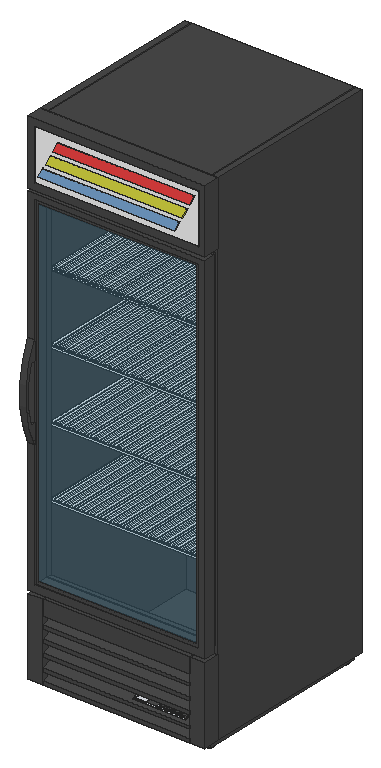
Revit family "QF_TRUE_GDM-23F-HST-HC~TSL01", category Specialty Equipment, Revit 2016 (continued)
Definition of nested family "CASTER-LEGS"
  Nested families (in)
    nested 3: "C4" at (0, 0, 0), Show 4 Inches Casters <- "Show 4" Casters", type "C4"
      with Type Mark "", Specification by User "", Show 4 Inches Casters yes, Revision Code "", Item Number "", Installed By "", Identify Quantity as Lot yes, Furnished By "", Foodservice Equipment Identifier yes
    nested 4: "6 Inches Leg & Caster" at (0, 0, 0), Show Casters <- "Show 6" Casters", type "6 Inches Leg & Caster"
      with Type Mark "", Status "", Specification by User "", Show Casters yes, Revision Code "", Item Number "", Installed By "", Identify Quantity as Lot yes, Furnished By "", Foodservice Equipment Identifier yes
    nested 5: "C2.5" at (0, -0.86941, 0), 2.5 Inches Caster <- "Show 2.5 Casters", type "C2.5"
      with Type Mark "", Status "", Specification by User "", Revision Code "", Item Number "", Installed By "", Identify Quantity as Lot yes, Furnished By "", Foodservice Equipment Identifier yes, 2.5 Inches Caster yes
  Definition of nested family "PITCO_5 INCHES CASTER"
    Parameters (values of type "PITCO_5 INCHES CASTER")
      Weight = ""
      URL Manufacturer = ""
      URL Cutsheet = ""
      URL = ""
      Type Mark [instance] = ""
      Status [instance] = ""
      Specification by User [instance] = ""
      Specification by Manufacturer = ""
      Show Casters [instance] = yes
      Rubber = none
      Chrome = none
      Serial Number = ""
      Seismic Rating = ""
      SMACNA No = ""
      Revision Code [instance] = ""
      Omniclass Number and Title = ""
      NAFEM Spec ID Number = ""
      Model = ""
      MasterSpec. = ""
      Manufacturer = ""
      Item Number [instance] = ""
      Installed By [instance] = ""
      Identify Quantity as Lot [instance] = yes
      Furnished By [instance] = ""
      Foodservice Equipment Identifier [instance] = yes
      Description = ""
      CSI MasterFormat = ""
      CSI Master Format = ""
      Assembly Code = ""
    Reference planes (in)
      plane 1: z = 0
      plane 2 "RIGHT": x = 0
      plane 3 "FRONT": y = 0
      plane 4 "TOP": z = 5
      plane 5: z = 5.0625
    Forms (in)
      Revolve 1, solid, visible <- "Show Casters"
        sketch origin (-180, 1.0625, -34.67466) x (0, 0, -1) y (-1, 0, 0)
          loop
            line (-34.67466, -180.64009) -> (-34.67466, -179.35991) -> (-35.17466, -179.35991) -> (-35.17466, -179.48491) -> (-35.42466, -179.48491) -> (-35.42466, -179.64009) -> (-36.48519, -179.60306) -> (-36.48519, -178.85852) -> (-36.5316, -178.85852) -> (-36.5316, -178.71719) -> (-36.70591, -178.71719) -> (-36.70591, -181.28281) -> (-36.5316, -181.28281) -> (-36.5316, -181.14148) -> (-36.48519, -181.14148) -> (-36.48519, -180.39694) -> (-35.42466, -180.35991) -> (-35.42466, -180.51509) -> (-35.17466, -180.51509) -> (-35.17466, -180.64009) -> (-34.67466, -180.64009)
          axis (-36.70591, -181.28281) -> (-36.70591, -178.71719)
        angle from 0 to 360
      Extrusion 2, solid, visible <- "Show Casters"
        sketch origin (0, 0, -1.11142) x (0, -1, 0) y (1, 0, 0)
          loop
            circle (0, 0) r 1.5
        from 5.61142 to 6.17392
      Extrusion 3, solid, visible <- "Show Casters"
        sketch origin (0, 0, 0.289) x (0, -1, 0) y (0, 0, 1)
          loop
            arc (0.91808, 3.59427) -> (1.13645, 3.7909) -> (1.42156, 3.86198) r 0.60732
            line (1.42156, 3.86198) -> (1.46208, 3.86198) -> (1.43155, 4.211) -> (-1.43155, 4.211)
            arc (-1.43155, 4.211) -> (-1.62474, 4.13098) -> (-1.70476, 3.93778) r 0.27322
            line (-1.70476, 3.93778) -> (-1.70476, 3.78861) -> (-1.76351, 2.11371) -> (-1.82446, 1.68005)
            arc (-1.82446, 1.68005) -> (-1.73191, 1.41127) -> (-1.46007, 1.32816) r 0.31307
            line (-1.46007, 1.32816) -> (-0.60834, 1.47835)
            arc (-0.60834, 1.47835) -> (-0.50841, 1.51771) -> (-0.43181, 1.59299) r 0.26936
            line (-0.43181, 1.59299) -> (0.91808, 3.59427)
        from 0.84601 to 1.05998
      Extrusion 4, solid, visible <- "Show Casters"
        sketch origin (0, 0, -0.82242) x (0, -1, 0) y (0, 0, -1)
          loop
            line (1.43155, -5.32242) -> (1.46208, -4.9734) -> (1.42156, -4.9734)
            arc (1.42156, -4.9734) -> (1.13645, -4.90232) -> (0.91808, -4.70569) r 0.60732
            line (0.91808, -4.70569) -> (-0.43181, -2.70441)
            arc (-0.43181, -2.70441) -> (-0.50841, -2.62913) -> (-0.60834, -2.58977) r 0.26936
            line (-0.60834, -2.58977) -> (-1.46007, -2.43958)
            arc (-1.46007, -2.43958) -> (-1.73191, -2.52269) -> (-1.82446, -2.79147) r 0.31307
            line (-1.82446, -2.79147) -> (-1.76351, -3.22513) -> (-1.70476, -4.90003) -> (-1.70476, -5.0492)
            arc (-1.70476, -5.0492) -> (-1.62474, -5.2424) -> (-1.43155, -5.32242) r 0.27322
            line (-1.43155, -5.32242) -> (1.43155, -5.32242)
        from 0.84601 to 1.05998
      Extrusion 5, solid, visible <- "Show Casters"
        sketch origin (-0.84601, 0, 0.289) x (0, 1, 0) y (0, 0, 1)
          loop
            line (1.43155, 4.211) -> (-1.43155, 4.211) -> (-1.46208, 3.86198) -> (-1.42156, 3.86198)
            arc (-1.42156, 3.86198) -> (-1.13645, 3.7909) -> (-0.91808, 3.59427) r 0.60732
            arc (-0.91808, 3.59427) -> (0.37927, 3.88135) -> (1.70476, 3.78861) r 4.63574
            line (1.70476, 3.78861) -> (1.70476, 3.93778)
            arc (1.70476, 3.93778) -> (1.62474, 4.13098) -> (1.43155, 4.211) r 0.27322
        from 0 to 1.69203
    Cuts and joins
      joined: Extrusion 3, Extrusion 4, Extrusion 5
    Lines and regions (in)
      symbolic lines, visible <- "Show Casters"
        curve 1: line (0.70901, 2.6399, 0) -> (1.79507, 2.01286, 0)
        curve 2: line (-1.79099, -1.69023, 0) -> (0.70901, 2.6399, 0)
        curve 3: line (-0.70493, -2.31727, 0) -> (-1.79099, -1.69023, 0)
        curve 4: line (1.79507, 2.01286, 0) -> (-0.70493, -2.31727, 0)
    Dimensions and locks (in)
      plane 4 "TOP" to level = 5"  (x2)
      plane 5 to level = 5 1/16"
      aligned and locked: level to plane 1
  Definition of nested family "2.13"
    Parameters
      Weight = ""
      URL Manufacturer = ""
      URL Cutsheet = ""
      URL = ""
      Type Mark [instance] = ""
      Status [instance] = ""
      Specification by User [instance] = ""
      Specification by Manufacturer = ""
      Serial Number = ""
      Seismic Rating = ""
      SMACNA No = ""
      Revision Code [instance] = ""
      Omniclass Number and Title = ""
      NAFEM Spec ID Number = ""
      Model = ""
      MasterSpec. = ""
      Manufacturer = ""
      Item Number [instance] = ""
      Installed By [instance] = ""
      Identify Quantity as Lot [instance] = yes
      Furnished By [instance] = ""
      Foodservice Equipment Identifier [instance] = yes
      Description = ""
      CSI MasterFormat = ""
      CSI Master Format = ""
      Assembly Code = ""
      2.5 Inches Caster [instance] = yes
    Reference planes (in)
      plane 1: z = 0
      plane 2 "RIGHT": x = 0
      plane 3 "FRONT": y = 0
      plane 4 "TOP": z = 2.125
    Forms (in)
      Revolve 1, solid, visible <- "2.5 Inches Caster"
        sketch origin (-1.93794, 0.83816, -1.0041) x (1, 0, 0) y (0, 0, 1)
          loop
            line (0.74055, 1.76972) -> (0.74055, 1.69422) -> (0.79055, 1.64422) -> (0.85055, 1.64422) -> (0.85055, 1.52415) -> (1.235, 1.52415) -> (1.235, 1.4568) -> (1.38673, 1.3692) -> (1.4003, 1.28535) -> (1.34375, 1.28535) -> (1.34375, 1.16035) -> (1.375, 1.16035) -> (1.375, 1.0041) -> (1.87544, 1.0041) -> (1.87544, 1.52415) -> (2.00044, 1.52415) -> (2.00044, 1.0041) -> (2.48438, 1.0041) -> (2.48438, 1.16035) -> (2.51563, 1.16035) -> (2.51563, 1.28535) -> (2.45908, 1.28535) -> (2.47322, 1.37272) -> (2.62438, 1.45999) -> (2.62438, 1.52415) -> (3.04007, 1.52415) -> (3.04007, 1.64422) -> (3.10007, 1.64422) -> (3.15007, 1.69422) -> (3.15007, 1.76972) -> (0.74055, 1.76972)
          axis (0.74055, 1.76972) -> (3.15007, 1.76972)
        angle from 0 to 360
      Extrusion 2, solid, visible <- "2.5 Inches Caster"
        sketch origin (-1.93794, 1.80294, -3.6291) x (0, 1, 0) y (0, 0, 1)
          loop
            line (-0.64294, 5.43229) -> (-0.64294, 5.55298) -> (-2.21294, 5.55298) -> (-2.21294, 5.30272) -> (-1.81966, 5.30272)
            arc (-1.81966, 5.30272) -> (-1.13638, 5.20789) -> (-0.46376, 5.05475) r 8.02767
            arc (-0.46376, 5.05475) -> (-0.19511, 4.95469) -> (0.05138, 4.80832) r 1.60049
            line (0.05138, 4.80832) -> (0.12713, 4.91318)
            arc (0.12713, 4.91318) -> (-0.07255, 5.06376) -> (-0.29048, 5.18644) r 1.8753
            line (-0.29048, 5.18644) -> (-0.22239, 5.30423)
            arc (-0.22239, 5.30423) -> (-0.42776, 5.38437) -> (-0.64294, 5.43229) r 1.44292
        from 1.17357 to 2.70231
      Revolve 3, solid, visible <- "2.5 Inches Caster"
        sketch origin (0, 2.10856, -4.125) x (0, 1, 0) y (0, 0, 1)
          loop
            line (-1.73858, 6.25) -> (-1.73858, 6.04889) -> (-1.05793, 6.04889) -> (-1.05793, 6.25) -> (-1.73858, 6.25)
          axis (-1.73858, 6.04889) -> (-1.73858, 6.25)
        angle from 0 to 360
      Extrusion 4, solid, visible <- "2.5 Inches Caster"
        sketch origin (-1.98481, 1.80294, -2.1291) x (0, 1, 0) y (0, 0, 1)
          loop
            line (-2.21294, 4.05298) -> (-2.21294, 3.80272) -> (-2.13999, 3.80272)
            arc (-2.13999, 3.80272) -> (-1.62379, 3.51899) -> (-1.39241, 2.97729) r 0.90292
            arc (-1.39241, 2.97729) -> (-1.36136, 2.78161) -> (-1.29729, 2.59413) r 1.15385
            arc (-1.29729, 2.59413) -> (-0.94802, 2.37355) -> (-0.6121, 2.61396) r 0.37001
            arc (-0.6121, 2.61396) -> (-0.59625, 2.66241) -> (-0.58446, 2.712) r 0.61695
            arc (-0.58446, 2.712) -> (-0.36134, 3.11665) -> (0.05609, 3.31484) r 0.75313
            line (0.05609, 3.31484) -> (0.12713, 3.41318)
            arc (0.12713, 3.41318) -> (-0.07255, 3.56376) -> (-0.29048, 3.68644) r 1.8753
            line (-0.29048, 3.68644) -> (-0.22239, 3.80423)
            arc (-0.22239, 3.80423) -> (-0.42776, 3.88437) -> (-0.64294, 3.93229) r 1.44292
            line (-0.64294, 3.93229) -> (-0.64294, 4.05298) -> (-2.21294, 4.05298)
        from 2.74918 to 2.90825
      Extrusion 5, solid, visible <- "2.5 Inches Caster"
        sketch origin (1.98481, 1.80294, -2.1291) x (0, 1, 0) y (0, 0, -1)
          loop
            line (-2.21294, -4.05298) -> (-0.64294, -4.05298) -> (-0.64294, -3.93229)
            arc (-0.64294, -3.93229) -> (-0.42776, -3.88437) -> (-0.22239, -3.80423) r 1.44292
            line (-0.22239, -3.80423) -> (-0.29048, -3.68644)
            arc (-0.29048, -3.68644) -> (-0.07255, -3.56376) -> (0.12713, -3.41318) r 1.8753
            line (0.12713, -3.41318) -> (0.05609, -3.31484)
            arc (0.05609, -3.31484) -> (-0.36134, -3.11665) -> (-0.58446, -2.712) r 0.75313
            arc (-0.58446, -2.712) -> (-0.59625, -2.66241) -> (-0.6121, -2.61396) r 0.61695
            arc (-0.6121, -2.61396) -> (-0.94802, -2.37355) -> (-1.29729, -2.59413) r 0.37001
            arc (-1.29729, -2.59413) -> (-1.36136, -2.78161) -> (-1.39241, -2.97729) r 1.15385
            arc (-1.39241, -2.97729) -> (-1.62379, -3.51899) -> (-2.13999, -3.80272) r 0.90292
            line (-2.13999, -3.80272) -> (-2.21294, -3.80272) -> (-2.21294, -4.05298)
        from 2.74918 to 2.90825
    Lines and regions (in)
      symbolic lines, visible <- "2.5 Inches Caster"
        curve 1: line (0.10651, 1.27186, 0) -> (0.80944, 0.86603, 0)
        curve 2: line (-0.89349, -0.46019, 0) -> (0.10651, 1.27186, 0)
        curve 3: line (-0.19056, -0.86603, 0) -> (-0.89349, -0.46019, 0)
        curve 4: line (0.80944, 0.86603, 0) -> (-0.19056, -0.86603, 0)
    Dimensions and locks (in)
      plane 4 "TOP" to level = 2 1/8"  (x2)
      aligned and locked: level to plane 1
  Definition of nested family "C4"
    Parameters
      Weight = ""
      URL Manufacturer = ""
      URL Cutsheet = ""
      URL = ""
      Type Mark [instance] = ""
      Specification by User [instance] = ""
      Specification by Manufacturer = ""
      Show 4 Inches Casters [instance] = yes
      Serial Number = ""
      Seismic Rating = ""
      SMACNA No = ""
      Revision Code [instance] = ""
      Omniclass Number and Title = ""
      NAFEM Spec ID Number = ""
      Model = ""
      MasterSpec. = ""
      Manufacturer = ""
      Item Number [instance] = ""
      Installed By [instance] = ""
      Identify Quantity as Lot [instance] = yes
      Furnished By [instance] = ""
      Foodservice Equipment Identifier [instance] = yes
      Description = ""
      CSI MasterFormat = ""
      CSI Master Format = ""
      Assembly Code = ""
    Reference planes (in)
      plane 1: z = 0
      plane 2 "RIGHT": x = 0
      plane 3 "FRONT": y = 0
      plane 4 "TOP": z = 4
    Forms (in)
      Revolve 1, solid, visible <- "Show 4 Inches Casters"
        sketch origin (-1.93794, 0.83816, -1.0041) x (1, 0, 0) y (0, 0, 1)
          loop
            line (0.74055, 2.5041) -> (3.15007, 2.5041) -> (3.15007, 2.5796) -> (3.10007, 2.6296) -> (3.04007, 2.6296) -> (3.04007, 2.74967) -> (2.62438, 2.74967) -> (2.62438, 2.93884) -> (2.48438, 3.01967) -> (2.45908, 3.17597) -> (2.51563, 3.17597) -> (2.51563, 3.41035) -> (2.48438, 3.41035) -> (2.48438, 4.0041) -> (1.375, 4.0041) -> (1.375, 3.41035) -> (1.34375, 3.41035) -> (1.34375, 3.17597) -> (1.4003, 3.17597) -> (1.37557, 3.02318) -> (1.235, 2.94202) -> (1.235, 2.74967) -> (0.85055, 2.74967) -> (0.85055, 2.6296) -> (0.79055, 2.6296) -> (0.74055, 2.5796) -> (0.74055, 2.5041)
          axis (0.74055, 2.5041) -> (3.15007, 2.5041)
        angle from 0 to 360
      Extrusion 2, solid, visible <- "Show 4 Inches Casters"
        sketch origin (-1.93794, 1.80294, -1.7541) x (0, 1, 0) y (0, 0, 1)
          loop
            line (-3.08794, 5.33423) -> (-3.08794, 5.00584) -> (-2.69466, 5.00584)
            arc (-2.69466, 5.00584) -> (-1.57175, 4.94895) -> (-0.46376, 4.75787) r 9.36411
            arc (-0.46376, 4.75787) -> (-0.05889, 4.58436) -> (0.28335, 4.30705) r 1.60049
            line (0.28335, 4.30705) -> (0.34449, 4.39437)
            arc (0.34449, 4.39437) -> (0.12713, 4.6163) -> (-0.1239, 4.79931) r 1.8753
            line (-0.1239, 4.79931) -> (-0.05749, 4.91421)
            arc (-0.05749, 4.91421) -> (-0.33807, 5.05694) -> (-0.64294, 5.13542) r 1.44292
            line (-0.64294, 5.13542) -> (-0.64294, 5.33423) -> (-3.08794, 5.33423)
        from 1.1267 to 2.74918
      Revolve 3, solid, visible <- "Show 4 Inches Casters"
        sketch origin (0, 2.15543, -2.25) x (0, 1, 0) y (0, 0, 1)
          loop
            line (-2.21793, 6.25) -> (-2.21793, 5.83014) -> (-1.05793, 5.83014) -> (-1.05793, 6.25) -> (-2.21793, 6.25)
          axis (-2.21793, 5.83014) -> (-2.21793, 6.25)
        angle from 0 to 360
      Extrusion 4, solid, visible <- "Show 4 Inches Casters"
        sketch origin (-1.93794, 1.80294, -1.7541) x (0, 1, 0) y (0, 0, 1)
          loop
            line (-3.08794, 5.33423) -> (-3.08794, 5.00584) -> (-2.8913, 5.00584)
            arc (-2.8913, 5.00584) -> (-2.09118, 4.14057) -> (-1.45681, 3.14736) r 6.63355
            arc (-1.45681, 3.14736) -> (-0.85703, 2.75969) -> (-0.4561, 3.35069) r 0.5107
            arc (-0.4561, 3.35069) -> (-0.27092, 3.92503) -> (0.24034, 4.24562) r 0.88136
            line (0.24034, 4.24562) -> (0.34449, 4.39437)
            arc (0.34449, 4.39437) -> (0.12713, 4.6163) -> (-0.1239, 4.79931) r 1.8753
            line (-0.1239, 4.79931) -> (-0.05749, 4.91421)
            arc (-0.05749, 4.91421) -> (-0.33807, 5.05694) -> (-0.64294, 5.13542) r 1.44292
            line (-0.64294, 5.13542) -> (-0.64294, 5.33423) -> (-3.08794, 5.33423)
        from 2.74918 to 2.90825
      Extrusion 5, solid, visible <- "Show 4 Inches Casters"
        sketch origin (1.93794, 1.80294, -1.7541) x (0, 1, 0) y (0, 0, -1)
          loop
            line (-3.08794, -5.33423) -> (-0.64294, -5.33423) -> (-0.64294, -5.13542)
            arc (-0.64294, -5.13542) -> (-0.33807, -5.05694) -> (-0.05749, -4.91421) r 1.44292
            line (-0.05749, -4.91421) -> (-0.1239, -4.79931)
            arc (-0.1239, -4.79931) -> (0.12713, -4.6163) -> (0.34449, -4.39437) r 1.8753
            line (0.34449, -4.39437) -> (0.24034, -4.24562)
            arc (0.24034, -4.24562) -> (-0.27092, -3.92503) -> (-0.4561, -3.35069) r 0.88136
            arc (-0.4561, -3.35069) -> (-0.85703, -2.75969) -> (-1.45681, -3.14736) r 0.5107
            arc (-1.45681, -3.14736) -> (-2.09118, -4.14057) -> (-2.8913, -5.00584) r 6.63355
            line (-2.8913, -5.00584) -> (-3.08794, -5.00584) -> (-3.08794, -5.33423)
        from 2.74918 to 2.90825
    Cuts and joins
      joined: Extrusion 2, Extrusion 4, Extrusion 5
    Lines and regions (in)
      symbolic lines, visible <- "Show 4 Inches Casters"
        curve 1: line (0.28481, 1.83041, 0) -> (1.24556, 1.27572, 0)
        curve 2: line (-1.26206, -0.84886, 0) -> (0.28481, 1.83041, 0)
        curve 3: line (-0.30132, -1.40355, 0) -> (-1.26206, -0.84886, 0)
        curve 4: line (1.24556, 1.27572, 0) -> (-0.30132, -1.40355, 0)
    Dimensions and locks (in)
      plane 4 "TOP" to level = 4"  (x2)
      aligned and locked: level to plane 1
  Definition of nested family "6 Inches Leg & Caster"
    Parameters
      Weight = ""
      URL Manufacturer = ""
      URL Cutsheet = ""
      URL = ""
      Type Mark [instance] = ""
      Status [instance] = ""
      Specification by User [instance] = ""
      Specification by Manufacturer = ""
      Show Casters [instance] = yes
      Serial Number = ""
      Seismic Rating = ""
      SMACNA No = ""
      Revision Code [instance] = ""
      Omniclass Number and Title = ""
      NAFEM Spec ID Number = ""
      Model = ""
      MasterSpec. = ""
      Manufacturer = ""
      Item Number [instance] = ""
      Installed By [instance] = ""
      Identify Quantity as Lot [instance] = yes
      Furnished By [instance] = ""
      Foodservice Equipment Identifier [instance] = yes
      Description = ""
      CSI MasterFormat = ""
      CSI Master Format = ""
    Reference planes (in)
      plane 1 "BACK": y = 0
      plane 2: z = 0
      plane 3 "LEFT": x = 0
      plane 4 "RIGHT": x = 0
      plane 5 "FRONT": y = 0
      plane 6 "TOP": z = 6.25
    Forms (in)
      Revolve 1, solid, visible <- "Show Casters"
        sketch origin (-2.21793, 0, -0.25) x (-1, 0, 0) y (0, 0, 1)
          loop
            line (-2.21793, 6) -> (-2.21793, 5.55584) -> (-0.93693, 5.55584) -> (-0.93693, 6) -> (-2.21793, 6)
          axis (-2.21793, 5.55584) -> (-2.21793, 6)
        angle from 0 to 360
      Extrusion 2, solid, visible <- "Show Casters"
        sketch origin (0.25594, 2.21793, -0.1875) x (0, 1, 0) y (0, 0, 1)
          loop
            line (-3.37793, 5.49334) -> (-3.37793, 5.24334) -> (-1.63015, 2.08504)
            arc (-1.63015, 2.08504) -> (-0.63555, 1.74359) -> (-0.1951, 2.69848) r 0.78437
            line (-0.1951, 2.69848) -> (-1.06726, 5.49334) -> (-3.37793, 5.49334)
        from 0.78968 to 0.90247
      Extrusion 3, solid, visible <- "Show Casters"
        sketch origin (0, 0, 5.75) x (0, 1, 0) y (-1, 0, 0)
          loop
            circle (0, 0) r 0.75
        from 0 to 0.5
      Extrusion 4, solid, visible <- "Show Casters"
        sketch origin (-0.25594, 2.21793, -0.1875) x (0, 1, 0) y (0, 0, -1)
          loop
            line (-3.37793, -5.49334) -> (-1.06726, -5.49334) -> (-0.1951, -2.69848)
            arc (-0.1951, -2.69848) -> (-0.63555, -1.74359) -> (-1.63015, -2.08504) r 0.78437
            line (-1.63015, -2.08504) -> (-3.37793, -5.24334) -> (-3.37793, -5.49334)
        from 0.78968 to 0.90247
      Extrusion 5, solid, visible <- "Show Casters"
        sketch origin (0, 0, 0.75) x (0, 1, 0) y (0, 0, 1)
          loop
            line (-1.16, 4.55584) -> (-1.16, 4.30584) -> (1.15067, 4.30584) -> (1.15067, 4.55584) -> (-1.16, 4.55584)
        from -1.04562 to 1.04562
      Revolve 6, solid, visible <- "Show Casters"
        sketch origin (-1.9375, 1.23015, -0.12802) x (1, 0, 0) y (0, 0, 1)
          loop
            line (0.5843, 2.5041) -> (0.5843, 2.3661) -> (0.6343, 2.3161) -> (0.6943, 2.3161) -> (0.6943, 2.1804) -> (1.1725, 2.1804) -> (1.1725, 1.78493) -> (1.31307, 1.70377) -> (1.42647, 1.00302) -> (1.28125, 1.00302) -> (1.28125, 0.75302) -> (1.3125, 0.75302) -> (1.3125, 0.50302)
            arc (1.3125, 0.50302) -> (1.42233, 0.23785) -> (1.6875, 0.12802) r 0.375
            line (1.6875, 0.12802) -> (2.1875, 0.12802)
            arc (2.1875, 0.12802) -> (2.45267, 0.23785) -> (2.5625, 0.50302) r 0.375
            line (2.5625, 0.50302) -> (2.5625, 0.75302) -> (2.59375, 0.75302) -> (2.59375, 1.00302) -> (2.44853, 1.00302) -> (2.5625, 1.70728) -> (2.7025, 1.78811) -> (2.7025, 2.1804) -> (3.1807, 2.1804) -> (3.1807, 2.3161) -> (3.2407, 2.3161) -> (3.2907, 2.3661) -> (3.2907, 2.5041) -> (0.5843, 2.5041)
          axis (0.5843, 2.5041) -> (3.2907, 2.5041)
        angle from 0 to 360
    Cuts and joins
      joined: Extrusion 2, Extrusion 4, Extrusion 5
    Lines and regions (in)
      symbolic lines, visible <- "Show Casters"
        curve 1: line (0.46086, 2.04455, 0) -> (1.54339, 1.41955, 0)
        curve 2: line (-1.53914, -1.41955, 0) -> (0.46086, 2.04455, 0)
        curve 3: line (-0.45661, -2.04455, 0) -> (-1.53914, -1.41955, 0)
        curve 4: line (1.54339, 1.41955, 0) -> (-0.45661, -2.04455, 0)
    Dimensions and locks (in)
      plane 6 "TOP" to level = 6 1/4"  (x2)
      aligned and locked: level to plane 2
  Definition of nested family "C2.5"
    Parameters
      Weight = ""
      URL Manufacturer = ""
      URL Cutsheet = ""
      URL = ""
      Type Mark [instance] = ""
      Status [instance] = ""
      Specification by User [instance] = ""
      Specification by Manufacturer = ""
      Serial Number = ""
      Seismic Rating = ""
      SMACNA No = ""
      Revision Code [instance] = ""
      Omniclass Number and Title = ""
      NAFEM Spec ID Number = ""
      Model = ""
      MasterSpec. = ""
      Manufacturer = ""
      Item Number [instance] = ""
      Installed By [instance] = ""
      Identify Quantity as Lot [instance] = yes
      Furnished By [instance] = ""
      Foodservice Equipment Identifier [instance] = yes
      Description = ""
      CSI MasterFormat = ""
      CSI Master Format = ""
      Assembly Code = ""
      2.5 Inches Caster [instance] = yes
    Reference planes (in)
      plane 1: z = 0
      plane 2 "RIGHT": x = 0
      plane 3 "FRONT": y = 0
      plane 4 "TOP": z = 2.5
    Forms (in)
      Revolve 1, solid, visible <- "2.5 Inches Caster"
        sketch origin (-1.93794, 0.83816, -1.0041) x (1, 0, 0) y (0, 0, 1)
          loop
            line (0.74055, 1.92597) -> (0.74055, 1.85047) -> (0.79055, 1.80047) -> (0.85055, 1.80047) -> (0.85055, 1.6804) -> (1.235, 1.6804) -> (1.235, 1.61305) -> (1.38673, 1.52545) -> (1.4003, 1.4416) -> (1.34375, 1.4416) -> (1.34375, 1.3166) -> (1.375, 1.3166) -> (1.375, 1.0041) -> (2.48438, 1.0041) -> (2.48438, 1.3166) -> (2.51563, 1.3166) -> (2.51563, 1.4416) -> (2.45908, 1.4416) -> (2.47322, 1.52897) -> (2.62438, 1.61624) -> (2.62438, 1.6804) -> (3.04007, 1.6804) -> (3.04007, 1.80047) -> (3.10007, 1.80047) -> (3.15007, 1.85047) -> (3.15007, 1.92597) -> (0.74055, 1.92597)
          axis (0.74055, 1.92597) -> (3.15007, 1.92597)
        angle from 0 to 360
      Extrusion 2, solid, visible <- "2.5 Inches Caster"
        sketch origin (-1.93794, 1.80294, -3.2541) x (0, 1, 0) y (0, 0, 1)
          loop
            line (-0.64294, 5.43229) -> (-0.64294, 5.55298) -> (-2.21294, 5.55298) -> (-2.21294, 5.30272) -> (-1.81966, 5.30272)
            arc (-1.81966, 5.30272) -> (-1.13638, 5.20789) -> (-0.46376, 5.05475) r 8.02767
            arc (-0.46376, 5.05475) -> (-0.19511, 4.95469) -> (0.05138, 4.80832) r 1.60049
            line (0.05138, 4.80832) -> (0.12713, 4.91318)
            arc (0.12713, 4.91318) -> (-0.07255, 5.06376) -> (-0.29048, 5.18644) r 1.8753
            line (-0.29048, 5.18644) -> (-0.22239, 5.30423)
            arc (-0.22239, 5.30423) -> (-0.42776, 5.38437) -> (-0.64294, 5.43229) r 1.44292
        from 1.17357 to 2.70231
      Revolve 3, solid, visible <- "2.5 Inches Caster"
        sketch origin (0, 2.10856, -3.75) x (0, 1, 0) y (0, 0, 1)
          loop
            line (-1.73858, 6.25) -> (-1.73858, 6.04889) -> (-1.05793, 6.04889) -> (-1.05793, 6.25) -> (-1.73858, 6.25)
          axis (-1.73858, 6.04889) -> (-1.73858, 6.25)
        angle from 0 to 360
      Extrusion 4, solid, visible <- "2.5 Inches Caster"
        sketch origin (-1.98481, 1.80294, -1.7541) x (0, 1, 0) y (0, 0, 1)
          loop
            line (-2.21294, 4.05298) -> (-2.21294, 3.80272) -> (-2.13999, 3.80272)
            arc (-2.13999, 3.80272) -> (-1.62379, 3.51899) -> (-1.39241, 2.97729) r 0.90292
            arc (-1.39241, 2.97729) -> (-1.36136, 2.78161) -> (-1.29729, 2.59413) r 1.15385
            arc (-1.29729, 2.59413) -> (-0.94802, 2.37355) -> (-0.6121, 2.61396) r 0.37001
            arc (-0.6121, 2.61396) -> (-0.59625, 2.66241) -> (-0.58446, 2.712) r 0.61695
            arc (-0.58446, 2.712) -> (-0.36134, 3.11665) -> (0.05609, 3.31484) r 0.75313
            line (0.05609, 3.31484) -> (0.12713, 3.41318)
            arc (0.12713, 3.41318) -> (-0.07255, 3.56376) -> (-0.29048, 3.68644) r 1.8753
            line (-0.29048, 3.68644) -> (-0.22239, 3.80423)
            arc (-0.22239, 3.80423) -> (-0.42776, 3.88437) -> (-0.64294, 3.93229) r 1.44292
            line (-0.64294, 3.93229) -> (-0.64294, 4.05298) -> (-2.21294, 4.05298)
        from 2.74918 to 2.90825
      Extrusion 5, solid, visible <- "2.5 Inches Caster"
        sketch origin (1.98481, 1.80294, -1.7541) x (0, 1, 0) y (0, 0, -1)
          loop
            line (-2.21294, -4.05298) -> (-0.64294, -4.05298) -> (-0.64294, -3.93229)
            arc (-0.64294, -3.93229) -> (-0.42776, -3.88437) -> (-0.22239, -3.80423) r 1.44292
            line (-0.22239, -3.80423) -> (-0.29048, -3.68644)
            arc (-0.29048, -3.68644) -> (-0.07255, -3.56376) -> (0.12713, -3.41318) r 1.8753
            line (0.12713, -3.41318) -> (0.05609, -3.31484)
            arc (0.05609, -3.31484) -> (-0.36134, -3.11665) -> (-0.58446, -2.712) r 0.75313
            arc (-0.58446, -2.712) -> (-0.59625, -2.66241) -> (-0.6121, -2.61396) r 0.61695
            arc (-0.6121, -2.61396) -> (-0.94802, -2.37355) -> (-1.29729, -2.59413) r 0.37001
            arc (-1.29729, -2.59413) -> (-1.36136, -2.78161) -> (-1.39241, -2.97729) r 1.15385
            arc (-1.39241, -2.97729) -> (-1.62379, -3.51899) -> (-2.13999, -3.80272) r 0.90292
            line (-2.13999, -3.80272) -> (-2.21294, -3.80272) -> (-2.21294, -4.05298)
        from 2.74918 to 2.90825
    Lines and regions (in)
      symbolic lines, visible <- "2.5 Inches Caster"
        curve 1: line (0.10651, 1.96132, 0) -> (0.80944, 1.55548, 0)
        curve 2: line (-0.89349, 0.22927, 0) -> (0.10651, 1.96132, 0)
        curve 3: line (-0.19056, -0.17657, 0) -> (-0.89349, 0.22927, 0)
        curve 4: line (0.80944, 1.55548, 0) -> (-0.19056, -0.17657, 0)
    Dimensions and locks (in)
      plane 4 "TOP" to level = 2 1/2"  (x2)
      aligned and locked: level to plane 1
